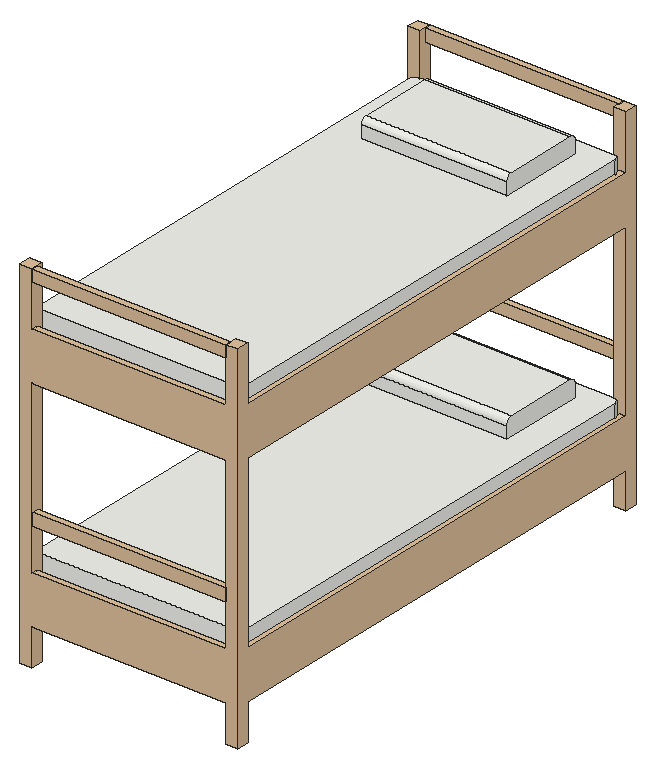
Revit family "5410204a78fe4f19a858ce758fb38b6e", category Furniture, Revit 2025
Family settings
  Work Plane-Based = No
  Enable Cutting in Views = No
  Always vertical = Yes
  Cut with Voids When Loaded = No
  Render Appearance Source = Family Geometry
  Shared = No
  Room Calculation Point = No
Parameters (values of type "915x2083x1500mm")
  Keynote = "N"
  Frame Material = Wood - Birch
  Height = 1500.00 mm
  Length = 2083.00 mm
  Mattress Material = Textile - White
  Width = 915.00 mm
  Default Elevation = 0.00 mm
Reference planes
  plane 1 "Center (Front/Back)": y = -390.993
  plane 2: z = 0
  plane 3 "Center (Left/Right)": x = 408.482
  plane 4: y = 650.507
  plane 5: y = -1432.493
  plane 6: x = 865.982
  plane 7: x = -49.018
  plane 8: z = 355.6
  plane 9: z = 1500
  plane 10: y = 523.407
  plane 11: y = 167.807
Forms (mm)
  Extrusion 1, solid, material "Wood - Birch"
    sketch origin (0, 0, 0) x (1, 0, 0) y (0, 1, 0)
      loop
        line (-49.018, 650.507) -> (-49.018, 599.707) -> (1.782, 599.707) -> (1.782, 650.507) -> (-49.018, 650.507)
      loop
        line (865.982, 650.507) -> (815.182, 650.507) -> (815.182, 599.707) -> (865.982, 599.707) -> (865.982, 650.507)
      loop
        line (-49.018, -1432.493) -> (1.782, -1432.493) -> (1.782, -1381.693) -> (-49.018, -1381.693) -> (-49.018, -1432.493)
      loop
        line (865.982, -1432.493) -> (865.982, -1381.693) -> (815.182, -1381.693) -> (815.182, -1432.493) -> (865.982, -1432.493)
    from 0 to 1500
  Extrusion 2, solid, material "Wood - Birch"
    sketch origin (0, 0, 0) x (1, 0, 0) y (0, 1, 0)
      loop
        line (-49.018, 650.507) -> (-49.018, -1432.493) -> (865.982, -1432.493) -> (865.982, 650.507) -> (-49.018, 650.507)
      loop
        line (-23.618, 625.107) -> (-23.618, -1407.093) -> (840.582, -1407.093) -> (840.582, 625.107) -> (-23.618, 625.107)
    from 152.4 to 355.6
  Extrusion 3, solid, material "Wood - Birch"
    sketch origin (0, 0, 0) x (1, 0, 0) y (0, 1, 0)
      loop
        line (-49.018, 650.507) -> (-49.018, -1432.493) -> (865.982, -1432.493) -> (865.982, 650.507) -> (-49.018, 650.507)
      loop
        line (-23.618, -1407.093) -> (840.582, -1407.093) -> (840.582, 625.107) -> (-23.618, 625.107) -> (-23.618, -1407.093)
    from 1068.2 to 1271.4
  Extrusion 4, solid, material "Textile - White" <- "Mattress Material"
    sketch origin (0, 0, 0) x (1, 0, 0) y (0, 1, 0)
      loop
        arc (1.782, 599.707) -> (-16.179, 592.267) -> (-23.618, 574.307) r 25.4
        line (-23.618, 574.307) -> (-23.618, -1356.293)
        arc (-23.618, -1356.293) -> (-16.179, -1374.254) -> (1.782, -1381.693) r 25.4
        line (1.782, -1381.693) -> (815.182, -1381.693)
        arc (815.182, -1381.693) -> (833.142, -1374.254) -> (840.582, -1356.293) r 25.4
        line (840.582, -1356.293) -> (840.582, 574.307)
        arc (840.582, 574.307) -> (833.142, 592.267) -> (815.182, 599.707) r 25.4
        line (815.182, 599.707) -> (1.782, 599.707)
    from 203.2 to 406.4
  Extrusion 5, solid, material "Textile - White" <- "Mattress Material"
    sketch origin (0, 0, 1271.4) x (1, 0, 0) y (0, 1, 0)
      loop
        arc (1.782, 599.707) -> (-16.179, 592.267) -> (-23.618, 574.307) r 25.4
        line (-23.618, 574.307) -> (-23.618, -1356.293)
        arc (-23.618, -1356.293) -> (-16.179, -1374.254) -> (1.782, -1381.693) r 25.4
        line (1.782, -1381.693) -> (815.182, -1381.693)
        arc (815.182, -1381.693) -> (833.142, -1374.254) -> (840.582, -1356.293) r 25.4
        line (840.582, -1356.293) -> (840.582, 574.307)
        arc (840.582, 574.307) -> (833.142, 592.267) -> (815.182, 599.707) r 25.4
        line (815.182, 599.707) -> (1.782, 599.707)
    from -152.4 to 50.8
  Extrusion 6, solid, material "Wood - Birch"
    sketch origin (0, 0, 1500) x (1, 0, 0) y (0, 1, 0)
      loop
        line (1.782, 650.507) -> (1.782, 625.107) -> (815.182, 625.107) -> (815.182, 650.507) -> (1.782, 650.507)
      loop
        line (1.782, -1432.493) -> (815.182, -1432.493) -> (815.182, -1407.093) -> (1.782, -1407.093) -> (1.782, -1432.493)
    from -50.8 to 0
  Extrusion 7, solid, material "Wood - Birch"
    sketch origin (0, 0, 355.6) x (0, -1, 0) y (1, 0, 0)
      loop
        line (1432.493, 1.782) -> (1432.493, 815.182) -> (1407.093, 815.182) -> (1407.093, 1.782) -> (1432.493, 1.782)
      loop
        line (-650.507, 1.782) -> (-625.107, 1.782) -> (-625.107, 815.182) -> (-650.507, 815.182) -> (-650.507, 1.782)
    from 177.8 to 228.6
  Sweep 8, solid, material "Textile - White" <- "Mattress Material"
    path origin (0, 0, 0) x (1, 0, 0) y (0, 1, 0)
      loop
        line (103.382, 523.507) -> (713.582, 523.507)
    profile origin (408.482, 0, 0) x (0, 1, 0) y (0, 0, 1)
      loop
        line (167.907, 406.4) -> (523.507, 406.4) -> (523.507, 457.2)
        arc (523.507, 457.2) -> (516.067, 475.161) -> (498.107, 482.6) r 25.4
        line (498.107, 482.6) -> (193.307, 482.6)
        arc (193.307, 482.6) -> (175.346, 475.161) -> (167.907, 457.2) r 25.4
        line (167.907, 457.2) -> (167.907, 406.4)
      loop
        line (167.907, 1320.8) -> (523.507, 1320.8) -> (523.507, 1371.6)
        arc (523.507, 1371.6) -> (516.067, 1389.561) -> (498.107, 1397) r 25.4
        line (498.107, 1397) -> (193.307, 1397)
        arc (193.307, 1397) -> (175.346, 1389.561) -> (167.907, 1371.6) r 25.4
        line (167.907, 1371.6) -> (167.907, 1320.8)
Cuts and joins
  joined: Extrusion 1, Extrusion 2, Extrusion 3
Lines and regions (mm)
  Masking region 1
    outline origin (0, 0, 0) x (1, 0, 0) y (0, 1, 0)
      loop
        line (-49.018, 650.507) -> (-49.018, -1432.493) -> (865.982, -1432.493) -> (865.982, 650.507) -> (-49.018, 650.507)
  symbolic lines
    curve 1: line (-49.018, 650.507, 0) -> (865.982, 650.507, 0)
    curve 2: line (-49.018, 650.507, 0) -> (-49.018, -1432.493, 0)
    curve 3: line (-49.018, -1432.493, 0) -> (865.982, -1432.493, 0)
    curve 4: line (865.982, 650.507, 0) -> (865.982, -1432.493, 0)
    curve 5: line (-49.018, 650.507, 0) -> (1.782, 650.507, 0)
    curve 6: line (-49.018, 650.507, 0) -> (-49.018, 599.707, 0)
    curve 7: line (-49.018, 599.707, 0) -> (1.782, 599.707, 0)
    curve 8: line (1.782, 650.507, 0) -> (1.782, 599.707, 0)
    curve 9: line (815.182, 599.707, 0) -> (865.982, 599.707, 0)
    curve 10: line (815.182, 599.707, 0) -> (815.182, 650.507, 0)
    curve 11: line (815.182, 650.507, 0) -> (865.982, 650.507, 0)
    curve 12: line (865.982, 599.707, 0) -> (865.982, 650.507, 0)
    curve 13: line (1.782, -1381.693, 0) -> (-49.018, -1381.693, 0)
    curve 14: line (1.782, -1381.693, 0) -> (1.782, -1432.493, 0)
    curve 15: line (1.782, -1432.493, 0) -> (-49.018, -1432.493, 0)
    curve 16: line (-49.018, -1381.693, 0) -> (-49.018, -1432.493, 0)
    curve 17: line (865.982, -1432.493, 0) -> (815.182, -1432.493, 0)
    curve 18: line (865.982, -1432.493, 0) -> (865.982, -1381.693, 0)
    curve 19: line (865.982, -1381.693, 0) -> (815.182, -1381.693, 0)
    curve 20: line (815.182, -1432.493, 0) -> (815.182, -1381.693, 0)
    curve 21: line (103.382, 523.507, 0) -> (713.582, 523.507, 0)
    curve 22: line (103.382, 523.507, 0) -> (103.382, 167.907, 0)
    curve 23: line (103.382, 167.907, 0) -> (713.582, 167.907, 0)
    curve 24: line (713.582, 523.507, 0) -> (713.582, 167.907, 0)
    curve 25: line (840.582, 167.907, 0) -> (-23.618, -63.494, 0)
    curve 26: line (-23.618, 599.707, 0) -> (840.582, 599.707, 0)
    curve 27: line (-23.618, 599.707, 0) -> (-23.618, -1381.693, 0)
    curve 28: line (-23.618, -1381.693, 0) -> (840.582, -1381.693, 0)
    curve 29: line (840.582, 599.707, 0) -> (840.582, -1381.693, 0)
Dimensions and locks
  equal spacing: plane 7, plane 3 "Center (Left/Right)", plane 6
  equal spacing: plane 5, plane 1 "Center (Front/Back)", plane 4
  "Width": plane 7 to plane 6
  "Length": plane 5 to plane 4
  "Height": plane 2 to plane 9
  locked: Extrusion 5 to plane 9 at 177.8
  locked: Extrusion 3 to plane 9 at 228.6
  locked: Extrusion 3 to Extrusion 3 at 203.2
  locked: Extrusion 5 sketch curve to Extrusion 5 sketch curve at 25.4  (x2)
  locked: Extrusion 3 to curve 22 at 152.4
  locked: curve 24 to Extrusion 3 at 152.4
  locked: curve 23 to curve 21 at 355.6
  aligned and locked: Extrusion 1 to plane 9
  aligned and locked: Sweep 8 sketch curve to curve 22
  aligned and locked: Sweep 8 sketch curve to curve 24
  aligned and locked: Sweep 8 sketch curve to curve 21
  aligned: plane 4 to Masking region 1 sketch curve
  aligned: plane 6 to Masking region 1 sketch curve
Automatic sketch dimensions
  Extrusion 1 sketch curve to plane 5 = 0.00 mm  (x2)
  Extrusion 1 sketch curve to plane 7 = 0.00 mm  (x2)
  Extrusion 1 sketch curve to plane 4 = 0.00 mm  (x2)
  Extrusion 1 sketch curve to plane 6 = 0.00 mm  (x2)
  Extrusion 1 sketch curve to plane 7 = 50.80 mm
  Extrusion 1 sketch curve to Extrusion 1 sketch curve = 50.80 mm  (x7)
  Extrusion 2 sketch curve to plane 4 = 0.00 mm
  Extrusion 2 sketch curve to plane 7 = 0.00 mm
  Extrusion 2 sketch curve to plane 5 = 0.00 mm
  Extrusion 2 sketch curve to plane 6 = 0.00 mm
  Extrusion 2 sketch curve to Extrusion 2 sketch curve = 25.40 mm  (x2)
  Extrusion 2 sketch curve to plane 5 = 25.40 mm
  plane 4 to Extrusion 2 sketch curve = 25.40 mm
  Extrusion 3 sketch curve to plane 4 = 0.00 mm
  Extrusion 3 sketch curve to plane 7 = 0.00 mm
  Extrusion 3 sketch curve to plane 5 = 0.00 mm
  Extrusion 3 sketch curve to plane 6 = 0.00 mm
  Extrusion 3 sketch curve to Extrusion 3 sketch curve = 25.40 mm  (x2)
  Extrusion 3 sketch curve to plane 5 = 25.40 mm
  plane 4 to Extrusion 3 sketch curve = 25.40 mm
  Extrusion 4 sketch curve to plane 7 = 25.40 mm
  Extrusion 4 sketch curve to Extrusion 4 sketch curve = 25.40 mm  (x3)
  plane 6 to Extrusion 4 sketch curve = 50.80 mm  (x2)
  Extrusion 4 sketch curve to plane 5 = 50.80 mm
  plane 4 to Extrusion 4 sketch curve = 76.20 mm
  Extrusion 5 sketch curve to plane 7 = 25.40 mm
  Extrusion 5 sketch curve to Extrusion 5 sketch curve = 25.40 mm  (x2)
  Extrusion 5 sketch curve to plane 5 = 50.80 mm
  plane 6 to Extrusion 5 sketch curve = 50.80 mm
  plane 6 to Extrusion 5 sketch curve = 25.40 mm
  plane 4 to Extrusion 5 sketch curve = 76.20 mm
  Extrusion 6 sketch curve to plane 5 = 0.00 mm
  Extrusion 6 sketch curve to plane 4 = 0.00 mm
  Extrusion 6 sketch curve to plane 7 = 50.80 mm  (x2)
  plane 6 to Extrusion 6 sketch curve = 50.80 mm  (x2)
  plane 4 to Extrusion 6 sketch curve = 25.40 mm
  Extrusion 6 sketch curve to Extrusion 6 sketch curve = 25.40 mm
  Extrusion 7 sketch curve to plane 4 = 0.00 mm
  Extrusion 7 sketch curve to plane 5 = 0.00 mm
  plane 4 to Extrusion 7 sketch curve = 25.40 mm
  Extrusion 7 sketch curve to Extrusion 7 sketch curve = 25.40 mm
  Extrusion 7 sketch curve to plane 7 = 50.80 mm  (x2)
  plane 6 to Extrusion 7 sketch curve = 50.80 mm  (x2)
  curve 15 to plane 5 = 0.00 mm
  curve 15 to plane 7 = 0.00 mm
  curve 5 to plane 4 = 0.00 mm
  curve 1 to plane 6 = 0.00 mm
  curve 26 to plane 7 = 25.40 mm
  curve 5 to plane 7 = 50.80 mm
  curve 27 to curve 13 = 25.40 mm
  plane 6 to curve 17 = 50.80 mm
  curve 9 to curve 9 = 50.80 mm
  plane 6 to curve 25 = 25.40 mm
  curve 29 to plane 5 = 50.80 mm
  curve 13 to curve 27 = 0.00 mm
  plane 4 to curve 25 = 482.60 mm
  curve 25 to curve 23 = 231.401 mm
  plane 4 to curve 24 = 127.00 mm
  plane 4 to curve 12 = 50.80 mm
  curve 8 to curve 5 = 50.80 mm
  curve 29 to curve 9 = 0.00 mm
  curve 18 to curve 28 = 0.00 mm
  Sweep 8 sketch curve to profile plane = 0.00 mm  (x2)
  profile plane to Sweep 8 sketch curve = 25.40 mm  (x2)
  Sweep 8 sketch curve to Sweep 8 sketch curve = 304.80 mm  (x2)
  Sweep 8 sketch curve to Sweep 8 sketch curve = 25.40 mm  (x2)
  level to Sweep 8 sketch curve = 406.40 mm
  Sweep 8 sketch curve to Sweep 8 sketch curve = 50.80 mm  (x2)
  Sweep 8 sketch curve to Sweep 8 sketch curve = 838.20 mm
  Masking region 1 sketch curve to plane 5 = 0.00 mm
  Masking region 1 sketch curve to plane 7 = 0.00 mm
  Masking region 1 sketch curve to plane 6 = 0.00 mm
  Masking region 1 sketch curve to plane 4 = 0.00 mm
